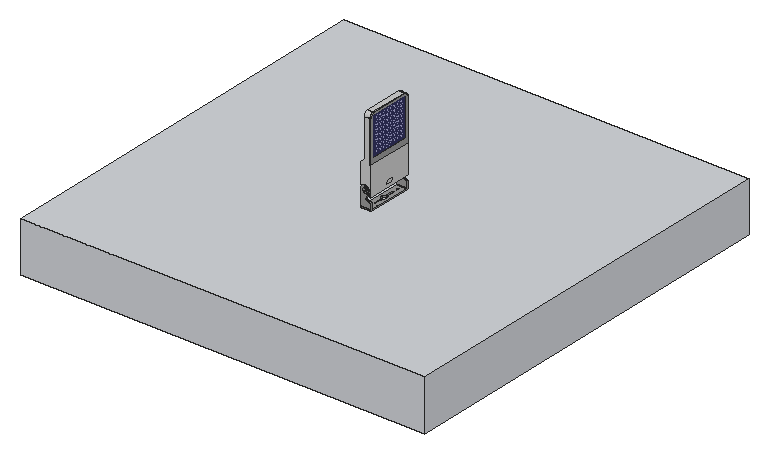
Revit family "LAMP_FLUT G2 SYMMETRIC", category Modelos genéricos, Revit 2015
Parameters (values of type "7781LM 3000 ANTHRACITE")
  Weight = 7.86 kg
  Type = "HIGH POWER PHILIPS"
  Tilting angle [instance] = 90.00°
  Tilting [instance] = if(Tilting angle = 0.00°, 1.00°, if(Tilting angle > 120.00°, 120.00°, if(Tilting angle < -30.00°, 120.00°, if(Tilting angle < 0.00°, 90.00° - Tilting angle, Tilting angle))))  # 90.00°
  Protection rating = "IP66 / IK06"
  Product datasheet = "http://www.lamp.es/product-files/TECH/FL209SY730NA-EN.pdf"
  Product code = "FL209SY730NA"
  Product URL = "https://www.lamp.es/en/family/flut_33511"
  Power Supply = "220-240V 50-60Hz"
  Power = 59 W
  Plum = 64.3 W
  Photometric web file = Cuerpo Flut G2 - Sym : 7781LM 3000 ANTHRACITE
  Modelo = Product code  # "FL209SY730NA"
  Model explanation = "Availability of tilting between 0º and -30º (or 120º) when placed in a project."
  Material cuerpo = LAMP_Aluminio Cuerpo Flut ANT
  Material Rótula = LAMP_Acero inoxidable AISI 304
  Manufacturer name = "LAMP"
  Manufacturer country = "Spain"
  Manufacturer URL = "http://www.lamp.es/en"
  MacAdam = "4"
  Luminaire type = "OUTDOOR - FLOODLIGHT"
  Last update = "20/08/2019"
  Lamp = "HIGH POWER LED"
  LED Lifetime = "50.000 L90 B10"
  Insulation class = "I"
  Installation instructions = "https://www.lamp.es/product-files/INS/1004710-A-INSTR.%20MINI%20FLUT%20G2.pdf"
  Initial intensity = 7781 lm
  Initial color = 3000 K
  IEE = "A++"
  Gear = "Electronic"
  Finish = "Textured anthracite grey"
  Fabricante = Manufacturer name  # "LAMP"
  Default Elevation = 1219.2 mm
  Efficacy = 121 lm/W
  Dimensions = "530 x 280 x 60"
  Descripción = "FLUT G2 9300 WW SYM ANT."
  CRI = "70"
Types (12, lengths in mm): name | Weight | Product datasheet | Product code | Power | Plum | Photometric web file | Modelo | LED Lifetime | Initial intensity | Initial color | IEE | Finish | Efficacy | Descripción
  7781LM 3000 ANTHRACITE | 7.86 kg | "http://www.lamp.es/product-files/TECH/FL209SY730NA-EN.pdf" | "FL209SY730NA" | 59 W | 64.3 W | Cuerpo Flut G2 - Sym : 7781LM 3000 ANTHRACITE | "FL209SY730NA" | "50.000 L90 B10" | 7781 lm | 3000 K | "A++" | "Textured anthracite grey" | 121 lm/W | "FLUT G2 9300 WW SYM ANT."
  7781LM 3000 GREY | 7.86 kg | "http://www.lamp.es/product-files/TECH/FL209SY730NG-EN.pdf" | "FL209SY730NG" | 59 W | 64.3 W | Cuerpo Flut G2 - Sym : 7781LM 3000 GREY | "FL209SY730NG" | "50.000 L90 B10" | 7781 lm | 3000 K | "A++" | "Texturised grey" | 121 lm/W | "FLUT G2 9300 WW SYM GR."
  8191LM 4000 ANTHRACITE | 7.86 kg | "http://www.lamp.es/product-files/TECH/FL209SY740NA-EN.pdf" | "FL209SY740NA" | 59 W | 64.3 W | Cuerpo Flut G2 - Sym : 8191LM 4000 ANTHRACITE | "FL209SY740NA" | "50.000 L90 B10" | 8191 lm | 4000 K | "A++" | "Textured anthracite grey" | 127.4 lm/W | "FLUT G2 9300 NW SYM ANT."
  8191LM 4000 GREY | 7.86 kg | "http://www.lamp.es/product-files/TECH/FL209SY740NG-EN.pdf" | "FL209SY740NG" | 59 W | 64.3 W | Cuerpo Flut G2 - Sym : 8191LM 4000 GREY | "FL209SY740NG" | "50.000 L90 B10" | 8191 lm | 4000 K | "A++" | "Texturised grey" | 127.4 lm/W | "FLUT G2 9300 NW SYM GR."
  11282LM 3000 ANTHRACITE | 7.944 kg | "http://www.lamp.es/product-files/TECH/FL214SY730NA-EN.pdf" | "FL214SY730NA" | 88 W | 97.1 W | Cuerpo Flut G2 - Sym : 11282LM 3000 ANTHRACITE | "FL214SY730NA" | "80.000 L80 B10" | 11282 lm | 3000 K | "A+" | "Textured anthracite grey" | 116.2 lm/W | "FLUT G2 14000 WW SYM ANT."
  11282LM 3000 GREY | 7.944 kg | "http://www.lamp.es/product-files/TECH/FL214SY730NG-EN.pdf" | "FL214SY730NG" | 88 W | 97.1 W | Cuerpo Flut G2 - Sym : 11282LM 3000 GREY | "FL214SY730NG" | "80.000 L80 B10" | 11282 lm | 3000 K | "A+" | "Texturised grey" | 116.2 lm/W | "FLUT G2 14000 WW SYM GR."
  11876LM 4000 ANTHRACITE | 7.944 kg | "http://www.lamp.es/product-files/TECH/FL214SY740NA-EN.pdf" | "FL214SY740NA" | 88 W | 97.1 W | Cuerpo Flut G2 - Sym : 11876LM 4000 ANTHRACITE | "FL214SY740NA" | "80.000 L80 B10" | 11876 lm | 4000 K | "A++" | "Textured anthracite grey" | 122.3 lm/W | "FLUT G2 14000 NW SYM ANT."
  11876LM 4000 GREY | 7.944 kg | "http://www.lamp.es/product-files/TECH/FL214SY740NG-EN.pdf" | "FL214SY740NG" | 88 W | 97.1 W | Cuerpo Flut G2 - Sym : 11876LM 4000 GREY | "FL214SY740NG" | "80.000 L80 B10" | 11876 lm | 4000 K | "A++" | "Texturised grey" | 122.3 lm/W | "FLUT G2 14000 NW SYM GR."
  14711LM 3000 ANTHRACITE | 8.094 kg | "http://www.lamp.es/product-files/TECH/FL219SY730NA-EN.pdf" | "FL219SY730NA" | 117 W | 125.1 W | Cuerpo Flut G2 - Sym : 14711LM 3000 ANTHRACITE | "FL219SY730NA" | "75.000 L80 B10" | 14711 lm | 3000 K | "A+" | "Textured anthracite grey" | 117.6 lm/W | "FLUT G2 18700 WW SYM ANT."
  14711LM 3000 GREY | 8.094 kg | "http://www.lamp.es/product-files/TECH/FL219SY730NG-EN.pdf" | "FL219SY730NG" | 117 W | 125.1 W | Cuerpo Flut G2 - Sym : 14711LM 3000 GREY | "FL219SY730NG" | "75.000 L80 B10" | 14711 lm | 3000 K | "A+" | "Texturised grey" | 117.6 lm/W | "FLUT G2 18700 WW SYM GR."
  15485LM 4000 ANTHRACITE | 8.094 kg | "http://www.lamp.es/product-files/TECH/FL219SY740NA-EN.pdf" | "FL219SY740NA" | 117 W | 125.1 W | Cuerpo Flut G2 - Sym : 15485LM 4000 ANTHRACITE | "FL219SY740NA" | "75.000 L80 B10" | 15485 lm | 4000 K | "A++" | "Textured anthracite grey" | 123.8 lm/W | "FLUT G2 18700 NW SYM ANT."
  15485LM 4000 GREY | 8.094 kg | "http://www.lamp.es/product-files/TECH/FL219SY740NG-EN.pdf" | "FL219SY740NG" | 117 W | 125.1 W | Cuerpo Flut G2 - Sym : 15485LM 4000 GREY | "FL219SY740NG" | "75.000 L80 B10" | 15485 lm | 4000 K | "A++" | "Texturised grey" | 123.8 lm/W | "FLUT G2 18700 NW SYM GR."
Reference planes
  plane 1 "Centro (Frontal/Posterior)": y = 0
  plane 2: z = 0
  plane 3 "Centro (Izquierda/Derecha)": x = 0
Forms (mm)
  Extrusion 1, solid
    sketch origin (0, 0, 0) x (1, 0, 0) y (0, 1, 0)
      loop
        line (-1219.2, 1219.2) -> (-1219.2, -1219.2) -> (1219.2, -1219.2) -> (1219.2, 1219.2) -> (-1219.2, 1219.2)
    from 0 to -304.8
  Extrusion 2, solid, material "LAMP_Acero inoxidable AISI 304" <- "Material Rótula"
    sketch origin (0, 0, 0) x (1, 0, 0) y (0, 0, 1)
      loop
        line (-30, 0) -> (30, 0) -> (30, 45) -> (1.853, 61.251)
        arc (1.853, 61.251) -> (1.387, 61.858) -> (1.487, 62.617) r 1
        line (1.487, 62.617) -> (19.324, 93.511)
        arc (19.324, 93.511) -> (1.898, 130.322) -> (-30, 105) r 26
        line (-30, 105) -> (-30, 0)
      loop
        arc (-4.884, 125.481) -> (-5.964, 124.952) -> (-6.308, 123.8) r 1.5
        line (-6.308, 123.8) -> (-5.758, 119.315)
        arc (-5.758, 119.315) -> (-5.252, 118.365) -> (-4.241, 117.998) r 1.5
        arc (-4.241, 117.998) -> (7.873, 110.294) -> (5.508, 96.134) r 13
        arc (5.508, 96.134) -> (5.105, 95.085) -> (5.544, 94.05) r 1.5
        line (5.544, 94.05) -> (8.727, 90.867)
        arc (8.727, 90.867) -> (9.808, 90.428) -> (10.877, 90.896) r 1.5
        arc (10.877, 90.896) -> (14.654, 113.501) -> (-4.884, 125.481) r 20.5
    from -140 to 140
  Extrusion 3, void
    sketch origin (0, 0, 0) x (0, 1, 0) y (0, 0, 1)
      loop
        line (-135, 131) -> (-135, 10)
        arc (-135, 10) -> (-133.536, 6.464) -> (-130, 5) r 5
        line (-130, 5) -> (130, 5)
        arc (130, 5) -> (133.536, 6.464) -> (135, 10) r 5
        line (135, 10) -> (135, 131) -> (-135, 131)
      loop
        arc (140, 10) -> (137.071, 2.929) -> (130, 0) r 10
        line (130, 0) -> (130, -5) -> (145, -5) -> (145, 10) -> (140, 10)
      loop
        line (-140, 10) -> (-145, 10) -> (-145, -5) -> (-130, -5) -> (-130, 0)
        arc (-130, 0) -> (-137.071, 2.929) -> (-140, 10) r 10
    from -30 to 30
  Blend 4, void
    base sketch origin (0, 0, 0) x (1, 0, 0) y (0, 0, 1)
      loop
        circle (-4, 105) r 6.25
    top sketch origin (0, 0, 0) x (1, 0, 0) y (0, 0, 1)
      loop
        circle (-4, 105) r 11.2
    from 135 to 140
  Blend 5, void
    base sketch origin (0, 0, 0) x (1, 0, 0) y (0, 0, -1)
      loop
        circle (-4, -105) r 6.25
    top sketch origin (0, 0, 0) x (1, 0, 0) y (0, 0, -1)
      loop
        circle (-4, -105) r 11.2
    from 135 to 140
  Extrusion 6, void
    sketch origin (0, 0, 0) x (1, 0, 0) y (0, 1, 0)
      loop
        circle (0, 0) r 17.5
      loop
        line (-5.15, 63) -> (-5.15, 27)
        arc (-5.15, 27) -> (0, 21.85) -> (5.15, 27) r 5.15
        line (5.15, 27) -> (5.15, 63)
        arc (5.15, 63) -> (0, 68.15) -> (-5.15, 63) r 5.15
      loop
        circle (0, 101.575) r 5.25
      loop
        arc (-5.15, -63) -> (0, -68.15) -> (5.15, -63) r 5.15
        line (5.15, -63) -> (5.15, -27)
        arc (5.15, -27) -> (0, -21.85) -> (-5.15, -27) r 5.15
        line (-5.15, -27) -> (-5.15, -63)
      loop
        arc (19.312, -82.163) -> (0, -83.175) -> (-19.312, -82.163) r 184.75
        arc (-19.312, -82.163) -> (-25.082, -86.835) -> (-20.409, -92.605) r 5.25
        arc (-20.409, -92.605) -> (0, -93.675) -> (20.409, -92.605) r 195.25
        arc (20.409, -92.605) -> (25.082, -86.835) -> (19.312, -82.163) r 5.25
    from 0 to 5
Cuts and joins
  Extrusion 3, Blend 4, Blend 5, Extrusion 6 cuts Extrusion 2
Text (mm)
  text "Any modification of the parameters and properties of the LAMP BIM models must be executed and validated by the LAMP technical department.\n\nPhone: +34 93 736 68 00\n\nE-mail: lamp@lamp.es\n\n\n\nLAMP reserves the right to modify the technical specifications of its products." at (-19725.315, 15592.691, -8685.146), in view "Preview"
Dimensions and locks
  aligned and locked: plane 2 to Extrusion 1
  aligned and locked: level to Extrusion 1
Nested families
  nested 1: "Cuerpo Flut G2 - Sym" at (-3.88, 0, -1395.08) x (-1, 0, 0) z (0, 0, 1), type <- "Photometric web file", type "7781LM 3000 ANTHRACITE"
Connectors
  electrical at (0, 0, 5)
    settings: on cut or joined group of Extrusion 2, Extrusion 3, Blend 4, Blend 5, Extrusion 6, index 1, voltage 230 V, apparent load 0 VA, apparent load phase1 0 VA, apparent load phase2 0 VA, apparent load phase3 0 VA, power factor 1, load classification "Otro", number of poles 1, system type 31, power factor state 1, is connector primary yes, connector utility no, sub classification motor no, connector description ""
Definition of nested family "Cuerpo Flut G2 - Sym"
  Parameters (values of type "11282LM 3000 ANTHRACITE")
    Tilt Angle = Tilting - 90.00°  # 0.00°
    Wattage = 97.1 W
    Tilting = 90.00°
    built-in parameter 1150107 = 3000 (stored number, unit not read)
    built-in parameter 1150110 = 1 (stored number, unit not read)
    built-in parameter 1150109 = 1 (stored number, unit not read)
    built-in parameter 1150112 = 1 (stored number, unit not read)
    built-in parameter 1150113 = 1 (stored number, unit not read)
    built-in parameter 1114218 = 1 (stored number, unit not read)
    built-in parameter 1150137 = (empty or 0)
    built-in parameter 1150132 = 2
    Material Opticas = none
    Material Cristal Transparente = none
    Material Cuerpo = none
    Material Cristal Serigrafiado = none
    built-in parameter 1150105 = 15419.7 (stored number, unit not read)
    built-in parameter 1150102 = (empty or 0)
    built-in parameter 1150106 = 154.2 (stored number, unit not read)
    Lumens = 11283 lm
    Color Filter = 16777215
    built-in parameter 1114217 = 1 (stored number, unit not read)
    built-in parameter 1150139 = (empty or 0)
    built-in parameter 1150104 = 10.795 (stored number, unit not read)
    built-in parameter 1150115 = 1 (stored number, unit not read)
    built-in parameter 1150114 = 1 (stored number, unit not read)
    built-in parameter 1150138 = (empty or 0)
    built-in parameter 1150134 = (empty or 0)
    Dimming Lamp Color Temperature Shift = (empty or 0)
    Photometric Web File = "FL214SY730NA.IES"
    built-in parameter 1150133 = 10 (stored number, unit not read)
  Types (12, lengths in mm): name | Wattage | built-in parameter 1150107 | built-in parameter 1150105 | built-in parameter 1150106 | Lumens | built-in parameter 1150104 | built-in parameter 1150134 | Photometric Web File
    7781LM 3000 ANTHRACITE | 64.3 W | 3000 (stored number, unit not read) | 10632.8 (stored number, unit not read) | 106.33 (stored number, unit not read) | 7780.3 lm | 11.241 (stored number, unit not read) | (empty or 0) | "FL209SY730NA.IES"
    7781LM 3000 GREY | 64.3 W | 3000 (stored number, unit not read) | 10632.8 (stored number, unit not read) | 106.33 (stored number, unit not read) | 7780.3 lm | 11.241 (stored number, unit not read) | (empty or 0) | "FL209SY730NG.IES"
    8191LM 4000 ANTHRACITE | 64.3 W | 4000 (stored number, unit not read) | 11195.2 (stored number, unit not read) | 111.95 (stored number, unit not read) | 8191.82 lm | 11.836 (stored number, unit not read) | 12 | "FL209SY740NA.IES"
    8191LM 4000 GREY | 64.3 W | 4000 (stored number, unit not read) | 11195.2 (stored number, unit not read) | 111.95 (stored number, unit not read) | 8191.82 lm | 11.836 (stored number, unit not read) | 12 | "FL209SY740NG.IES"
    11282LM 3000 ANTHRACITE | 97.1 W | 3000 (stored number, unit not read) | 15419.7 (stored number, unit not read) | 154.2 (stored number, unit not read) | 11283 lm | 10.795 (stored number, unit not read) | (empty or 0) | "FL214SY730NA.IES"
    11282LM 3000 GREY | 97.1 W | 3000 (stored number, unit not read) | 15419.7 (stored number, unit not read) | 154.2 (stored number, unit not read) | 11283 lm | 10.795 (stored number, unit not read) | (empty or 0) | "FL214SY730NG.IES"
    11876LM 4000 ANTHRACITE | 97.1 W | 4000 (stored number, unit not read) | 16229.2 (stored number, unit not read) | 162.29 (stored number, unit not read) | 11875.3 lm | 11.362 (stored number, unit not read) | 12 | "FL214SY740NA.IES"
    11876LM 4000 GREY | 97.1 W | 4000 (stored number, unit not read) | 16229.2 (stored number, unit not read) | 162.29 (stored number, unit not read) | 11875.3 lm | 11.362 (stored number, unit not read) | 12 | "FL214SY740NG.IES"
    14711LM 3000 ANTHRACITE | 125.1 W | 3000 (stored number, unit not read) | 20105.6 (stored number, unit not read) | 201.06 (stored number, unit not read) | 14711.8 lm | 10.925 (stored number, unit not read) | (empty or 0) | "FL219SY730NA.IES"
    14711LM 3000 GREY | 125.1 W | 3000 (stored number, unit not read) | 20105.6 (stored number, unit not read) | 201.06 (stored number, unit not read) | 14711.8 lm | 10.925 (stored number, unit not read) | (empty or 0) | "FL219SY730NG.IES"
    15485LM 4000 ANTHRACITE | 125.1 W | 4000 (stored number, unit not read) | 21165.5 (stored number, unit not read) | 211.66 (stored number, unit not read) | 15487.4 lm | 11.501 (stored number, unit not read) | 12 | "FL219SY740NA.IES"
    15485LM 4000 GREY | 125.1 W | 4000 (stored number, unit not read) | 21165.5 (stored number, unit not read) | 211.66 (stored number, unit not read) | 15487.4 lm | 11.501 (stored number, unit not read) | 12 | "FL219SY740NG.IES"
  Reference planes
    plane 1 "Eje de origen de luz (F/P)": y = 0
    plane 2: z = 0
    plane 3 "Eje de origen de luz (I/D)": x = 0
    plane 4 "Elevación de origen de luz": z = 1500
  Forms (mm)
    Extrusion 1, solid, material <- "Material Cuerpo"
      sketch origin (0, 0, 1500) x (0, 0, 1) y (1, 0, 0)
        loop
          line (421.8, -33.4) -> (421.8, 3.6) -> (169.604, 3.6) -> (146.604, 26.6) -> (-26.4, 26.6) -> (-26.4, -33.4) -> (421.8, -33.4)
      from -140 to 140
    Extrusion 2, void
      sketch origin (0, 0, 1500) x (0, 0, -1) y (1, 0, 0)
        loop
          line (26.4, -26.5) -> (26.4, 26.6) -> (-26.6, 26.6) -> (-26.6, 3.6)
          arc (-26.6, 3.6) -> (-19.155, -17.548) -> (1.4, -26.5) r 28.073
          line (1.4, -26.5) -> (26.4, -26.5)
      from -140 to -130
    Extrusion 3, void
      sketch origin (0, 0, 1500) x (0, 0, -1) y (-1, 0, 0)
        loop
          line (26.4, 26.5) -> (1.4, 26.5)
          arc (1.4, 26.5) -> (-19.155, 17.548) -> (-26.6, -3.6) r 28.073
          line (-26.6, -3.6) -> (-26.6, -26.6) -> (26.4, -26.6) -> (26.4, 26.5)
      from -140 to -130
    Extrusion 4, void
      sketch origin (0, 0, 1500) x (0, 0, -1) y (0, 1, 0)
        loop
          arc (-33.6, -138) -> (-30.064, -136.536) -> (-28.6, -133) r 5
          line (-28.6, -133) -> (-28.6, -128) -> (19.4, -128)
          arc (19.4, -128) -> (22.936, -126.536) -> (24.4, -123) r 5
          line (24.4, -123) -> (24.4, 123)
          arc (24.4, 123) -> (22.936, 126.536) -> (19.4, 128) r 5
          line (19.4, 128) -> (-28.6, 128) -> (-28.6, 133)
          arc (-28.6, 133) -> (-30.064, 136.536) -> (-33.6, 138) r 5
          line (-33.6, 138) -> (-139.604, 138)
          arc (-139.604, 138) -> (-143.14, 136.536) -> (-144.604, 133) r 5
          line (-144.604, 133) -> (-144.604, -133)
          arc (-144.604, -133) -> (-143.14, -136.536) -> (-139.604, -138) r 5
          line (-139.604, -138) -> (-33.6, -138)
        loop
          arc (22.9, 121.5) -> (21.436, 125.036) -> (17.9, 126.5) r 5
          line (17.9, 126.5) -> (-30.1, 126.5) -> (-30.1, 131.5)
          arc (-30.1, 131.5) -> (-31.564, 135.036) -> (-35.1, 136.5) r 5
          line (-35.1, 136.5) -> (-138.104, 136.5)
          arc (-138.104, 136.5) -> (-141.64, 135.036) -> (-143.104, 131.5) r 5
          line (-143.104, 131.5) -> (-143.104, -131.5)
          arc (-143.104, -131.5) -> (-141.64, -135.036) -> (-138.104, -136.5) r 5
          line (-138.104, -136.5) -> (-35.1, -136.5)
          arc (-35.1, -136.5) -> (-31.564, -135.036) -> (-30.1, -131.5) r 5
          line (-30.1, -131.5) -> (-30.1, -126.5) -> (17.9, -126.5)
          arc (17.9, -126.5) -> (21.436, -125.036) -> (22.9, -121.5) r 5
          line (22.9, -121.5) -> (22.9, 121.5)
      from 22.1 to 26.6
    Extrusion 5, void
      sketch origin (0, 0, 1500) x (0, 0, -1) y (0, 1, 0)
        loop
          arc (-396.8, -140) -> (-414.478, -132.678) -> (-421.8, -115) r 25
          line (-421.8, -115) -> (-431.8, -115) -> (-431.8, -150) -> (-396.8, -150) -> (-396.8, -140)
        loop
          line (-396.8, 140) -> (-396.8, 150) -> (-431.8, 150) -> (-431.8, 115) -> (-421.8, 115)
          arc (-421.8, 115) -> (-414.478, 132.678) -> (-396.8, 140) r 25
      from -34 to 4
    Extrusion 6, solid, material <- "Material Cristal Serigrafiado"
      sketch origin (0, 0, 1500) x (0, 0, 1) y (1, 0, 0)
        loop
          line (148, -33.4) -> (420.5, -33.4) -> (420.5, -29.3) -> (148, -29.3) -> (148, -33.4)
      from -137.3 to 137.3
    Extrusion 7, void
      sketch origin (0, 0, 1500) x (0, 0, -1) y (0, 1, 0)
        loop
          arc (-398, -137.3) -> (-413.91, -130.71) -> (-420.5, -114.8) r 22.5
          line (-420.5, -114.8) -> (-430.5, -114.8) -> (-430.5, -147.3) -> (-398, -147.3) -> (-398, -137.3)
        loop
          line (-398, 137.3) -> (-398, 147.3) -> (-430.5, 147.3) -> (-430.5, 114.8) -> (-420.5, 114.8)
          arc (-420.5, 114.8) -> (-413.91, 130.71) -> (-398, 137.3) r 22.5
      from -33.4 to -29.3
    Extrusion 8, solid, material <- "Material Cristal Transparente"
      sketch origin (0, 0, 1500) x (0, 0, 1) y (1, 0, 0)
        loop
          line (176, -29.3) -> (176, -33.4) -> (408.5, -33.4) -> (408.5, -29.3) -> (176, -29.3)
      from -125.3 to 125.3
    Extrusion 9, void
      sketch origin (0, 0, 1500) x (0, 0, -1) y (0, 1, 0)
        loop
          arc (-186, 125.3) -> (-178.929, 122.371) -> (-176, 115.3) r 10
          line (-176, 115.3) -> (-176, 125.3) -> (-186, 125.3)
        loop
          line (-186, -125.3) -> (-176, -125.3) -> (-176, -115.3)
          arc (-176, -115.3) -> (-178.929, -122.371) -> (-186, -125.3) r 10
        loop
          line (-398.5, 125.3) -> (-408.5, 125.3) -> (-408.5, 115.3)
          arc (-408.5, 115.3) -> (-405.571, 122.371) -> (-398.5, 125.3) r 10
        loop
          arc (-398.5, -125.3) -> (-405.571, -122.371) -> (-408.5, -115.3) r 10
          line (-408.5, -115.3) -> (-408.5, -125.3) -> (-398.5, -125.3)
      from -33.4 to -29.3
    Extrusion 10, solid, material <- "Material Opticas"
      sketch origin (-265.527, 0, 1510.175) x (0, 0, 1) y (1, 0, 0)
        loop
          line (175.175, 236.227) -> (388.975, 236.227) -> (388.975, 252.227) -> (175.175, 252.227) -> (175.175, 236.227)
      from -106.9 to 106.9
    Extrusion 11, void
      sketch origin (0, 0, 1511.075) x (0, 0, -1) y (0, 1, 0)
        loop
          line (-361.575, -105.1) -> (-361.575, -80.4) -> (-386.275, -80.4) -> (-386.275, -105.1) -> (-361.575, -105.1)
        loop
          line (-386.275, -78.6) -> (-361.575, -78.6) -> (-361.575, -53.9) -> (-386.275, -53.9) -> (-386.275, -78.6)
        loop
          line (-361.575, -52.1) -> (-361.575, -27.4) -> (-386.275, -27.4) -> (-386.275, -52.1) -> (-361.575, -52.1)
        loop
          line (-386.275, -25.6) -> (-361.575, -25.6) -> (-361.575, -0.9) -> (-386.275, -0.9) -> (-386.275, -25.6)
        loop
          line (-361.575, 0.9) -> (-361.575, 25.6) -> (-386.275, 25.6) -> (-386.275, 0.9) -> (-361.575, 0.9)
        loop
          line (-386.275, 27.4) -> (-361.575, 27.4) -> (-361.575, 52.1) -> (-386.275, 52.1) -> (-386.275, 27.4)
        loop
          line (-361.575, 53.9) -> (-361.575, 78.6) -> (-386.275, 78.6) -> (-386.275, 53.9) -> (-361.575, 53.9)
        loop
          line (-386.275, 80.4) -> (-361.575, 80.4) -> (-361.575, 105.1) -> (-386.275, 105.1) -> (-386.275, 80.4)
        loop
          line (-176.075, -105.1) -> (-176.075, -80.4) -> (-200.775, -80.4) -> (-200.775, -105.1) -> (-176.075, -105.1)
        loop
          line (-200.775, -78.6) -> (-176.075, -78.6) -> (-176.075, -53.9) -> (-200.775, -53.9) -> (-200.775, -78.6)
        loop
          line (-176.075, -52.1) -> (-176.075, -27.4) -> (-200.775, -27.4) -> (-200.775, -52.1) -> (-176.075, -52.1)
        loop
          line (-200.775, -25.6) -> (-176.075, -25.6) -> (-176.075, -0.9) -> (-200.775, -0.9) -> (-200.775, -25.6)
        loop
          line (-176.075, 0.9) -> (-176.075, 25.6) -> (-200.775, 25.6) -> (-200.775, 0.9) -> (-176.075, 0.9)
        loop
          line (-200.775, 27.4) -> (-176.075, 27.4) -> (-176.075, 52.1) -> (-200.775, 52.1) -> (-200.775, 27.4)
        loop
          line (-176.075, 53.9) -> (-176.075, 78.6) -> (-200.775, 78.6) -> (-200.775, 53.9) -> (-176.075, 53.9)
        loop
          line (-200.775, 80.4) -> (-176.075, 80.4) -> (-176.075, 105.1) -> (-200.775, 105.1) -> (-200.775, 80.4)
        loop
          line (-202.575, -105.1) -> (-202.575, -80.4) -> (-227.275, -80.4) -> (-227.275, -105.1) -> (-202.575, -105.1)
        loop
          line (-227.275, -78.6) -> (-202.575, -78.6) -> (-202.575, -53.9) -> (-227.275, -53.9) -> (-227.275, -78.6)
        loop
          line (-202.575, -52.1) -> (-202.575, -27.4) -> (-227.275, -27.4) -> (-227.275, -52.1) -> (-202.575, -52.1)
        loop
          line (-227.275, -25.6) -> (-202.575, -25.6) -> (-202.575, -0.9) -> (-227.275, -0.9) -> (-227.275, -25.6)
        loop
          line (-202.575, 0.9) -> (-202.575, 25.6) -> (-227.275, 25.6) -> (-227.275, 0.9) -> (-202.575, 0.9)
        loop
          line (-227.275, 27.4) -> (-202.575, 27.4) -> (-202.575, 52.1) -> (-227.275, 52.1) -> (-227.275, 27.4)
        loop
          line (-202.575, 53.9) -> (-202.575, 78.6) -> (-227.275, 78.6) -> (-227.275, 53.9) -> (-202.575, 53.9)
        loop
          line (-227.275, 80.4) -> (-202.575, 80.4) -> (-202.575, 105.1) -> (-227.275, 105.1) -> (-227.275, 80.4)
        loop
          line (-229.075, -105.1) -> (-229.075, -80.4) -> (-253.775, -80.4) -> (-253.775, -105.1) -> (-229.075, -105.1)
        loop
          line (-253.775, -78.6) -> (-229.075, -78.6) -> (-229.075, -53.9) -> (-253.775, -53.9) -> (-253.775, -78.6)
        loop
          line (-229.075, -52.1) -> (-229.075, -27.4) -> (-253.775, -27.4) -> (-253.775, -52.1) -> (-229.075, -52.1)
        loop
          line (-253.775, -25.6) -> (-229.075, -25.6) -> (-229.075, -0.9) -> (-253.775, -0.9) -> (-253.775, -25.6)
        loop
          line (-229.075, 0.9) -> (-229.075, 25.6) -> (-253.775, 25.6) -> (-253.775, 0.9) -> (-229.075, 0.9)
        loop
          line (-253.775, 27.4) -> (-229.075, 27.4) -> (-229.075, 52.1) -> (-253.775, 52.1) -> (-253.775, 27.4)
        loop
          line (-229.075, 53.9) -> (-229.075, 78.6) -> (-253.775, 78.6) -> (-253.775, 53.9) -> (-229.075, 53.9)
        loop
          line (-253.775, 80.4) -> (-229.075, 80.4) -> (-229.075, 105.1) -> (-253.775, 105.1) -> (-253.775, 80.4)
        loop
          line (-255.575, -105.1) -> (-255.575, -80.4) -> (-280.275, -80.4) -> (-280.275, -105.1) -> (-255.575, -105.1)
        loop
          line (-280.275, -78.6) -> (-255.575, -78.6) -> (-255.575, -53.9) -> (-280.275, -53.9) -> (-280.275, -78.6)
        loop
          line (-255.575, -52.1) -> (-255.575, -27.4) -> (-280.275, -27.4) -> (-280.275, -52.1) -> (-255.575, -52.1)
        loop
          line (-280.275, -25.6) -> (-255.575, -25.6) -> (-255.575, -0.9) -> (-280.275, -0.9) -> (-280.275, -25.6)
        loop
          line (-255.575, 0.9) -> (-255.575, 25.6) -> (-280.275, 25.6) -> (-280.275, 0.9) -> (-255.575, 0.9)
        loop
          line (-280.275, 27.4) -> (-255.575, 27.4) -> (-255.575, 52.1) -> (-280.275, 52.1) -> (-280.275, 27.4)
        loop
          line (-255.575, 53.9) -> (-255.575, 78.6) -> (-280.275, 78.6) -> (-280.275, 53.9) -> (-255.575, 53.9)
        loop
          line (-280.275, 80.4) -> (-255.575, 80.4) -> (-255.575, 105.1) -> (-280.275, 105.1) -> (-280.275, 80.4)
        loop
          line (-282.075, -105.1) -> (-282.075, -80.4) -> (-306.775, -80.4) -> (-306.775, -105.1) -> (-282.075, -105.1)
        loop
          line (-306.775, -78.6) -> (-282.075, -78.6) -> (-282.075, -53.9) -> (-306.775, -53.9) -> (-306.775, -78.6)
        loop
          line (-282.075, -52.1) -> (-282.075, -27.4) -> (-306.775, -27.4) -> (-306.775, -52.1) -> (-282.075, -52.1)
        loop
          line (-306.775, -25.6) -> (-282.075, -25.6) -> (-282.075, -0.9) -> (-306.775, -0.9) -> (-306.775, -25.6)
        loop
          line (-282.075, 0.9) -> (-282.075, 25.6) -> (-306.775, 25.6) -> (-306.775, 0.9) -> (-282.075, 0.9)
        loop
          line (-306.775, 27.4) -> (-282.075, 27.4) -> (-282.075, 52.1) -> (-306.775, 52.1) -> (-306.775, 27.4)
        loop
          line (-282.075, 53.9) -> (-282.075, 78.6) -> (-306.775, 78.6) -> (-306.775, 53.9) -> (-282.075, 53.9)
        loop
          line (-306.775, 80.4) -> (-282.075, 80.4) -> (-282.075, 105.1) -> (-306.775, 105.1) -> (-306.775, 80.4)
        loop
          line (-308.575, -105.1) -> (-308.575, -80.4) -> (-333.275, -80.4) -> (-333.275, -105.1) -> (-308.575, -105.1)
        loop
          line (-333.275, -78.6) -> (-308.575, -78.6) -> (-308.575, -53.9) -> (-333.275, -53.9) -> (-333.275, -78.6)
        loop
          line (-308.575, -52.1) -> (-308.575, -27.4) -> (-333.275, -27.4) -> (-333.275, -52.1) -> (-308.575, -52.1)
        loop
          line (-333.275, -25.6) -> (-308.575, -25.6) -> (-308.575, -0.9) -> (-333.275, -0.9) -> (-333.275, -25.6)
        loop
          line (-308.575, 0.9) -> (-308.575, 25.6) -> (-333.275, 25.6) -> (-333.275, 0.9) -> (-308.575, 0.9)
        loop
          line (-333.275, 27.4) -> (-308.575, 27.4) -> (-308.575, 52.1) -> (-333.275, 52.1) -> (-333.275, 27.4)
        loop
          line (-308.575, 53.9) -> (-308.575, 78.6) -> (-333.275, 78.6) -> (-333.275, 53.9) -> (-308.575, 53.9)
        loop
          line (-333.275, 80.4) -> (-308.575, 80.4) -> (-308.575, 105.1) -> (-333.275, 105.1) -> (-333.275, 80.4)
        loop
          line (-335.075, -105.1) -> (-335.075, -80.4) -> (-359.775, -80.4) -> (-359.775, -105.1) -> (-335.075, -105.1)
        loop
          line (-359.775, -78.6) -> (-335.075, -78.6) -> (-335.075, -53.9) -> (-359.775, -53.9) -> (-359.775, -78.6)
        loop
          line (-335.075, -52.1) -> (-335.075, -27.4) -> (-359.775, -27.4) -> (-359.775, -52.1) -> (-335.075, -52.1)
        loop
          line (-359.775, -25.6) -> (-335.075, -25.6) -> (-335.075, -0.9) -> (-359.775, -0.9) -> (-359.775, -25.6)
        loop
          line (-335.075, 0.9) -> (-335.075, 25.6) -> (-359.775, 25.6) -> (-359.775, 0.9) -> (-335.075, 0.9)
        loop
          line (-359.775, 27.4) -> (-335.075, 27.4) -> (-335.075, 52.1) -> (-359.775, 52.1) -> (-359.775, 27.4)
        loop
          line (-335.075, 53.9) -> (-335.075, 78.6) -> (-359.775, 78.6) -> (-359.775, 53.9) -> (-335.075, 53.9)
        loop
          line (-359.775, 80.4) -> (-335.075, 80.4) -> (-335.075, 105.1) -> (-359.775, 105.1) -> (-359.775, 80.4)
      from -33.4 to 3.6
    Extrusion 12, void
      sketch origin (0, 0, 1500) x (0, 0, -1) y (0, 1, 0)
        loop
          arc (-408.5, -115.3) -> (-405.571, -122.371) -> (-398.5, -125.3) r 10
          line (-398.5, -125.3) -> (-186, -125.3)
          arc (-186, -125.3) -> (-178.929, -122.371) -> (-176, -115.3) r 10
          line (-176, -115.3) -> (-176, 115.3)
          arc (-176, 115.3) -> (-178.929, 122.371) -> (-186, 125.3) r 10
          line (-186, 125.3) -> (-398.5, 125.3)
          arc (-398.5, 125.3) -> (-405.571, 122.371) -> (-408.5, 115.3) r 10
          line (-408.5, 115.3) -> (-408.5, -115.3)
      from -33.4 to 0
    Extrusion 13, void
      sketch origin (0, -368.506, 1431.664) x (0, 0, -1) y (0, 1, 0)
        loop
          line (-467.486, 263.606) -> (-469.486, 263.606) -> (-469.486, 259.606) -> (-465.486, 259.606) -> (-465.486, 261.606)
          arc (-465.486, 261.606) -> (-466.9, 262.192) -> (-467.486, 263.606) r 2
        loop
          arc (-467.486, 473.406) -> (-466.9, 474.821) -> (-465.486, 475.406) r 2
          line (-465.486, 475.406) -> (-465.486, 477.406) -> (-469.486, 477.406) -> (-469.486, 473.406) -> (-467.486, 473.406)
        loop
          arc (-253.686, 263.606) -> (-254.272, 262.192) -> (-255.686, 261.606) r 2
          line (-255.686, 261.606) -> (-255.686, 259.606) -> (-251.686, 259.606) -> (-251.686, 263.606) -> (-253.686, 263.606)
        loop
          line (-253.686, 473.406) -> (-251.686, 473.406) -> (-251.686, 477.406) -> (-255.686, 477.406) -> (-255.686, 475.406)
          arc (-255.686, 475.406) -> (-254.272, 474.821) -> (-253.686, 473.406) r 2
      from -33.4 to 3.6
    Extrusion 14, void
      sketch origin (0, 0, 1500) x (0, 0, -1) y (0, -1, 0)
        loop
          arc (-420.5, -114.8) -> (-413.91, -130.71) -> (-398, -137.3) r 22.5
          line (-398, -137.3) -> (-148, -137.3) -> (-148, 137.3) -> (-398, 137.3)
          arc (-398, 137.3) -> (-413.91, 130.71) -> (-420.5, 114.8) r 22.5
          line (-420.5, 114.8) -> (-420.5, -114.8)
        loop
          arc (-408.5, -115.3) -> (-405.571, -122.371) -> (-398.5, -125.3) r 10
          line (-398.5, -125.3) -> (-186, -125.3)
          arc (-186, -125.3) -> (-178.929, -122.371) -> (-176, -115.3) r 10
          line (-176, -115.3) -> (-176, 115.3)
          arc (-176, 115.3) -> (-178.929, 122.371) -> (-186, 125.3) r 10
          line (-186, 125.3) -> (-398.5, 125.3)
          arc (-398.5, 125.3) -> (-405.571, 122.371) -> (-408.5, 115.3) r 10
          line (-408.5, 115.3) -> (-408.5, -115.3)
      from 34 to 29.3
    Extrusion 15, solid, material <- "Material Cuerpo"
      sketch origin (0, 0, 1500) x (0, 0, 1) y (0, -1, 0)
        loop
          line (-4.959, -18.37) -> (7.634, -18.37)
          arc (7.634, -18.37) -> (8.372, -17.632) -> (7.634, -16.895) r 0.738
          line (7.634, -16.895) -> (-3.514, -16.895)
          arc (-3.514, -16.895) -> (-3.978, -16.703) -> (-4.17, -16.239) r 0.656
          line (-4.17, -16.239) -> (-4.17, -14.696)
          arc (-4.17, -14.696) -> (-4.042, -14.296) -> (-3.706, -14.045) r 0.688
          line (-3.706, -14.045) -> (7.531, -10.181)
          arc (7.531, -10.181) -> (8.474, -8.86) -> (7.531, -7.539) r 1.397
          line (7.531, -7.539) -> (-3.236, -3.836)
          arc (-3.236, -3.836) -> (-3.795, -2.896) -> (-2.96, -2.189) r 0.847
          line (-2.96, -2.189) -> (6.935, -2.189)
          arc (6.935, -2.189) -> (8.423, -1.119) -> (7.881, 0.632) r 1.569
          line (7.881, 0.632) -> (5.526, 2.986) -> (7.881, 5.34)
          arc (7.881, 5.34) -> (8.423, 7.091) -> (6.935, 8.161) r 1.569
          line (6.935, 8.161) -> (-3.488, 8.161)
          arc (-3.488, 8.161) -> (-3.97, 8.361) -> (-4.17, 8.843) r 0.682
          line (-4.17, 8.843) -> (-4.17, 10.36)
          arc (-4.17, 10.36) -> (-3.969, 10.845) -> (-3.484, 11.046) r 0.686
          line (-3.484, 11.046) -> (7.608, 11.046)
          arc (7.608, 11.046) -> (8.093, 11.247) -> (8.293, 11.732) r 0.685
          line (8.293, 11.732) -> (8.293, 17.729)
          arc (8.293, 17.729) -> (8.09, 18.22) -> (7.599, 18.423) r 0.694
          line (7.599, 18.423) -> (2.315, 18.423)
          arc (2.315, 18.423) -> (1.848, 18.23) -> (1.654, 17.762) r 0.661
          line (1.654, 17.762) -> (1.654, 13.432)
          arc (1.654, 13.432) -> (2.392, 12.694) -> (3.129, 13.432) r 0.738
          line (3.129, 13.432) -> (3.129, 16.27)
          arc (3.129, 16.27) -> (3.328, 16.749) -> (3.807, 16.948) r 0.678
          line (3.807, 16.948) -> (6.136, 16.948)
          arc (6.136, 16.948) -> (6.618, 16.748) -> (6.818, 16.266) r 0.682
          line (6.818, 16.266) -> (6.818, 13.184)
          arc (6.818, 13.184) -> (6.624, 12.716) -> (6.156, 12.522) r 0.662
          line (6.156, 12.522) -> (-4.941, 12.522)
          arc (-4.941, 12.522) -> (-5.425, 12.321) -> (-5.626, 11.836) r 0.685
          line (-5.626, 11.836) -> (-5.626, 7.293)
          arc (-5.626, 7.293) -> (-5.441, 6.845) -> (-4.993, 6.66) r 0.633
          line (-4.993, 6.66) -> (6.724, 6.66) -> (3.05, 2.986) -> (6.724, -0.688) -> (-4.881, -0.688)
          arc (-4.881, -0.688) -> (-5.342, -0.879) -> (-5.533, -1.34) r 0.652
          line (-5.533, -1.34) -> (-5.533, -4.266)
          arc (-5.533, -4.266) -> (-5.412, -4.644) -> (-5.094, -4.881) r 0.651
          line (-5.094, -4.881) -> (6.65, -8.922) -> (-5.158, -12.985)
          arc (-5.158, -12.985) -> (-5.497, -13.238) -> (-5.626, -13.641) r 0.693
          line (-5.626, -13.641) -> (-5.626, -17.703)
          arc (-5.626, -17.703) -> (-5.431, -18.175) -> (-4.959, -18.37) r 0.667
      from -34.4 to -33.4
  Cuts and joins
    Extrusion 2, Extrusion 3, Extrusion 4, Extrusion 5, Extrusion 12, Extrusion 14 cuts Extrusion 1
    Extrusion 7, Extrusion 11, Extrusion 12 cuts Extrusion 6
    Extrusion 9, Extrusion 14 cuts Extrusion 8
    Extrusion 11, Extrusion 13 cuts Extrusion 10
  Lines and regions (mm)
    reference lines
      curve 1: line (0, 0, 1500) -> (0, 0, 2280)
      curve 2: line (-60, 0, 1784.25) -> (0, 0, 1784.25)
  Dimensions and locks
    "Tilting": angle plane 4 "Elevación de origen de luz" to curve 1
    aligned and locked: level to plane 2
    aligned and locked: plane 3 "Eje de origen de luz (I/D)" to curve 1
    aligned and locked: plane 4 "Elevación de origen de luz" to curve 1
    aligned and locked: imposter light to curve 2  (x2)
  Automatic sketch dimensions
    Extrusion 1 sketch curve to curve 1 = 26.4 mm
    Extrusion 1 sketch curve to curve 1 = 26.6 mm
    curve 1 to Extrusion 1 sketch curve = 146.604 mm
    Extrusion 1 sketch curve to curve 1 = 3.6 mm
    Extrusion 1 sketch curve to Extrusion 1 sketch curve = 23 mm
    Extrusion 1 sketch curve to Extrusion 1 sketch curve = 252.196 mm
    curve 1 to Extrusion 1 sketch curve = 33.4 mm
    Extrusion 2 sketch curve to curve 1 = 26.6 mm
    curve 1 to Extrusion 2 sketch curve = 1.4 mm
    Extrusion 2 sketch curve to Extrusion 2 sketch curve = 25 mm
    Extrusion 2 sketch curve to curve 1 = 26.5 mm
    curve 1 to Extrusion 2 sketch curve = 1.573 mm
    curve 1 to Extrusion 2 sketch curve = 26.6 mm
    Extrusion 3 sketch curve to curve 1 = 26.6 mm  (x2)
    curve 1 to Extrusion 3 sketch curve = 1.4 mm
    Extrusion 3 sketch curve to Extrusion 3 sketch curve = 25 mm
    Extrusion 3 sketch curve to curve 1 = 3.6 mm
    Extrusion 3 sketch curve to curve 1 = 1.573 mm
    Extrusion 4 sketch curve to curve 1 = 144.604 mm
    Extrusion 4 sketch curve to Extrusion 4 sketch curve = 1.5 mm  (x14)
    Extrusion 4 sketch curve to Extrusion 4 sketch curve = 5 mm  (x3)
    Extrusion 4 sketch curve to curve 1 = 35.1 mm  (x2)
    Extrusion 4 sketch curve to Extrusion 4 sketch curve = 3.5 mm  (x4)
    curve 1 to Extrusion 4 sketch curve = 17.9 mm  (x2)
    Extrusion 4 sketch curve to curve 1 = 138 mm
    curve 1 to Extrusion 4 sketch curve = 121.5 mm
    curve 1 to Extrusion 5 sketch curve = 150 mm
    curve 1 to Extrusion 5 sketch curve = 348.2 mm
    Extrusion 5 sketch curve to Extrusion 5 sketch curve = 0 mm
    Extrusion 5 sketch curve to Extrusion 5 sketch curve = 10 mm  (x3)
    Extrusion 5 sketch curve to Extrusion 5 sketch curve = 35 mm  (x2)
    Extrusion 5 sketch curve to Extrusion 5 sketch curve = 25 mm
    Extrusion 5 sketch curve to curve 1 = 115 mm
    curve 1 to Extrusion 6 sketch curve = 29.3 mm
    curve 1 to Extrusion 6 sketch curve = 148 mm
    curve 1 to Extrusion 6 sketch curve = 33.4 mm
    Extrusion 6 sketch curve to Extrusion 6 sketch curve = 272.5 mm
    curve 1 to Extrusion 7 sketch curve = 147.3 mm
    curve 1 to Extrusion 7 sketch curve = 349.5 mm
    Extrusion 7 sketch curve to Extrusion 7 sketch curve = 0 mm
    Extrusion 7 sketch curve to Extrusion 7 sketch curve = 10 mm  (x4)
    Extrusion 7 sketch curve to Extrusion 7 sketch curve = 22.5 mm  (x2)
    Extrusion 7 sketch curve to curve 1 = 114.8 mm
    curve 1 to Extrusion 8 sketch curve = 33.4 mm
    curve 1 to Extrusion 8 sketch curve = 176 mm
    curve 1 to Extrusion 8 sketch curve = 29.3 mm
    Extrusion 8 sketch curve to Extrusion 8 sketch curve = 232.5 mm
    Extrusion 9 sketch curve to curve 1 = 115.3 mm
    curve 1 to Extrusion 9 sketch curve = 371.5 mm
    curve 1 to Extrusion 9 sketch curve = 125.3 mm
    Extrusion 9 sketch curve to Extrusion 9 sketch curve = 0 mm
    Extrusion 9 sketch curve to Extrusion 9 sketch curve = 10 mm  (x4)
    Extrusion 9 sketch curve to curve 1 = 186 mm  (x2)
    Extrusion 9 sketch curve to curve 1 = 125.3 mm
    curve 1 to Extrusion 9 sketch curve = 115.3 mm
    curve 1 to Extrusion 10 sketch curve = 13.3 mm
    curve 1 to Extrusion 10 sketch curve = 185.35 mm
    curve 1 to Extrusion 10 sketch curve = 29.3 mm
    Extrusion 10 sketch curve to Extrusion 10 sketch curve = 213.8 mm
    curve 1 to Extrusion 11 sketch curve = 80.4 mm
    curve 1 to Extrusion 11 sketch curve = 382.65 mm
    Extrusion 11 sketch curve to Extrusion 11 sketch curve = 0 mm  (x109)
    curve 1 to Extrusion 11 sketch curve = 0.9 mm  (x8)
    Extrusion 11 sketch curve to Extrusion 11 sketch curve = 24.7 mm  (x47)
    Extrusion 11 sketch curve to Extrusion 11 sketch curve = 1.8 mm  (x82)
    Extrusion 11 sketch curve to curve 1 = 0.9 mm  (x8)
    Extrusion 12 sketch curve to curve 1 = 115.3 mm
    curve 1 to Extrusion 12 sketch curve = 371.5 mm
    Extrusion 12 sketch curve to Extrusion 12 sketch curve = 10 mm  (x3)
    Extrusion 12 sketch curve to curve 1 = 186 mm  (x2)
    curve 1 to Extrusion 12 sketch curve = 115.3 mm
    curve 1 to Extrusion 13 sketch curve = 104.9 mm  (x2)
    curve 1 to Extrusion 13 sketch curve = 378.85 mm
    Extrusion 13 sketch curve to curve 1 = 104.9 mm
    Extrusion 13 sketch curve to Extrusion 13 sketch curve = 0 mm
    Extrusion 13 sketch curve to Extrusion 13 sketch curve = 2 mm  (x12)
    Extrusion 13 sketch curve to curve 1 = 187.35 mm  (x2)
    Extrusion 13 sketch curve to curve 1 = 108.9 mm
    curve 2 to curve 1 = 0 mm
    curve 1 to curve 2 = 284.25 mm
    curve 2 to curve 2 = 60 mm
    curve 1 to Extrusion 14 sketch curve = 148 mm
    Extrusion 14 sketch curve to Extrusion 14 sketch curve = 28 mm
    Extrusion 14 sketch curve to Extrusion 14 sketch curve = 10 mm  (x3)
    Extrusion 14 sketch curve to Extrusion 14 sketch curve = 212 mm  (x2)
    curve 1 to Extrusion 14 sketch curve = 137.3 mm
    Extrusion 14 sketch curve to Extrusion 14 sketch curve = 0.5 mm  (x3)
    Extrusion 14 sketch curve to Extrusion 14 sketch curve = 12 mm  (x2)
    Extrusion 14 sketch curve to curve 1 = 114.8 mm
    Extrusion 15 sketch curve to curve 1 = 5.626 mm  (x2)
    curve 1 to Extrusion 15 sketch curve = 1.34 mm
    Extrusion 15 sketch curve to curve 1 = 5.533 mm
    Extrusion 15 sketch curve to Extrusion 15 sketch curve = 0.468 mm
    Extrusion 15 sketch curve to Extrusion 15 sketch curve = 0.439 mm
    Extrusion 15 sketch curve to Extrusion 15 sketch curve = 0.633 mm
    Extrusion 15 sketch curve to Extrusion 15 sketch curve = 0.667 mm
    Extrusion 15 sketch curve to Extrusion 15 sketch curve = 0.685 mm
    Extrusion 15 sketch curve to Extrusion 15 sketch curve = 0.226 mm
    Extrusion 15 sketch curve to Extrusion 15 sketch curve = 0.651 mm
    curve 1 to Extrusion 15 sketch curve = 0.688 mm
    Extrusion 15 sketch curve to Extrusion 15 sketch curve = 0.823 mm
    Extrusion 15 sketch curve to Extrusion 15 sketch curve = 0.789 mm
    Extrusion 15 sketch curve to Extrusion 15 sketch curve = 0.464 mm
    Extrusion 15 sketch curve to Extrusion 15 sketch curve = 0.656 mm
    Extrusion 15 sketch curve to Extrusion 15 sketch curve = 0.682 mm  (x2)
    Extrusion 15 sketch curve to Extrusion 15 sketch curve = 0.686 mm
    Extrusion 15 sketch curve to Extrusion 15 sketch curve = 0.688 mm
    Extrusion 15 sketch curve to Extrusion 15 sketch curve = 1.646 mm
    Extrusion 15 sketch curve to Extrusion 15 sketch curve = 0.275 mm
    curve 1 to Extrusion 15 sketch curve = 1.654 mm
    Extrusion 15 sketch curve to Extrusion 15 sketch curve = 0.661 mm
    Extrusion 15 sketch curve to Extrusion 15 sketch curve = 0.738 mm  (x2)
    curve 1 to Extrusion 15 sketch curve = 3.05 mm
    Extrusion 15 sketch curve to Extrusion 15 sketch curve = 0.678 mm
    Extrusion 15 sketch curve to Extrusion 15 sketch curve = 2.476 mm
    Extrusion 15 sketch curve to Extrusion 15 sketch curve = 2.329 mm
    Extrusion 15 sketch curve to Extrusion 15 sketch curve = 3.026 mm
    curve 1 to Extrusion 15 sketch curve = 6.65 mm
    Extrusion 15 sketch curve to Extrusion 15 sketch curve = 1.198 mm
    Extrusion 15 sketch curve to curve 1 = 6.66 mm
    Extrusion 15 sketch curve to Extrusion 15 sketch curve = 0.211 mm  (x2)
    Extrusion 15 sketch curve to Extrusion 15 sketch curve = 0.427 mm
    Extrusion 15 sketch curve to Extrusion 15 sketch curve = 0.454 mm  (x2)
    Extrusion 15 sketch curve to Extrusion 15 sketch curve = 1.464 mm
    Extrusion 15 sketch curve to Extrusion 15 sketch curve = 0.79 mm  (x2)
    Extrusion 15 sketch curve to Extrusion 15 sketch curve = 0.103 mm
    Extrusion 15 sketch curve to curve 1 = 5.34 mm
    Extrusion 15 sketch curve to Extrusion 15 sketch curve = 0.945 mm
    Extrusion 15 sketch curve to curve 1 = 0.632 mm
    Extrusion 15 sketch curve to Extrusion 15 sketch curve = 0.694 mm
    Extrusion 15 sketch curve to Extrusion 15 sketch curve = 1.501 mm
    Extrusion 15 sketch curve to Extrusion 15 sketch curve = 0.847 mm
    Extrusion 15 sketch curve to Extrusion 15 sketch curve = 0.43 mm
    Extrusion 15 sketch curve to Extrusion 15 sketch curve = 5.35 mm
    Extrusion 15 sketch curve to Extrusion 15 sketch curve = 1.321 mm
    Extrusion 15 sketch curve to Extrusion 15 sketch curve = 0.062 mm
    Extrusion 15 sketch curve to curve 1 = 12.985 mm
    Extrusion 15 sketch curve to Extrusion 15 sketch curve = 0.405 mm
    Extrusion 15 sketch curve to Extrusion 15 sketch curve = 1.543 mm
    Extrusion 15 sketch curve to curve 1 = 2.986 mm
    Extrusion 15 sketch curve to Extrusion 15 sketch curve = 0 mm
    Extrusion 15 sketch curve to Extrusion 15 sketch curve = 0.068 mm
    Extrusion 15 sketch curve to Extrusion 15 sketch curve = 1.518 mm
    curve 1 to Extrusion 15 sketch curve = 13.432 mm
    Extrusion 15 sketch curve to Extrusion 15 sketch curve = 3.082 mm
    Extrusion 15 sketch curve to Extrusion 15 sketch curve = 0.781 mm
